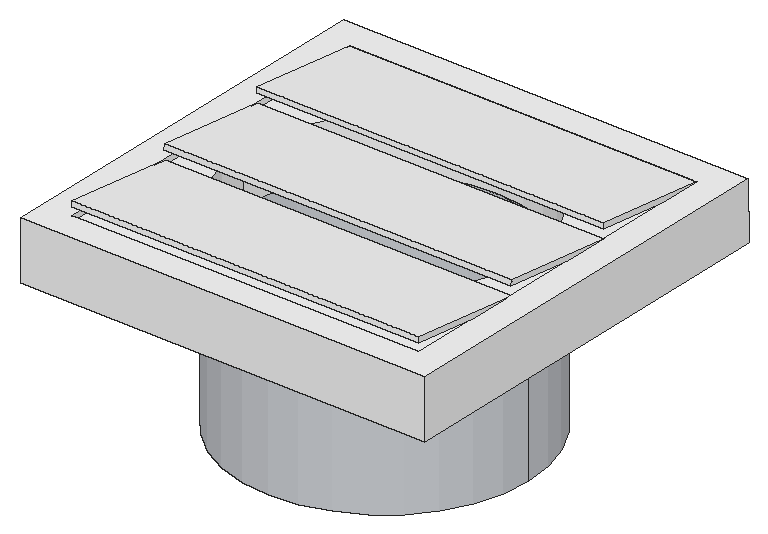
Revit family "71984001-51791101", category Air Terminals, host Face, Revit 2023
Family settings
  Host = Face
  Round Connector Dimension = Use Diameter
  Part Type = Normal
  Cut with Voids When Loaded = No
  Shared = No
  Room Calculation Point = No
Parameters (values of type "154 x 154 x 100mm Dia - Terracotta")
  WorkExecutionLevel = "N/A"
  WeeklyMaintenance = "N/A"
  WarrantyStartDate [instance] = "N/A"
  WarrantyPeriod = "2"
  WarrantyIdentifier = "N/A"
  WarrantyGuarantorParts = "info@airflow.com"
  WarrantyGuarantorLabor = "info@airflow.com"
  WarrantyGuarantor = "Airflow Developments Ltd"
  WarrantyEndDate [instance] = "N/A"
  WarrantyContent = "Replacement of part if faulty"
  Uniclass2015 = "Pr_65_70_46_01"
  TotalSurfaceArea [instance] = 0.0196 m²
  TagNumber [instance] = "N/A"
  Status [instance] = "New"
  Square_External_Grille_GravityFlap = CADS_AirFlow_White
  Size = "48 x 140 x 140"
  ShippingWeight = 0.0144 kg
  Shape = "Rectangular"
  ServiceLifeType = "EXPECTEDSERVICELIFE"
  ServiceLifeDuration = "10"
  SerialNumber [instance] = "N/A"
  ReplacementCost = "7.944"
  QuarterlyMaintenance = "N/A"
  QualityOfComponents = "N/A"
  ProductionYear = "2017"
  ProductLiterature = "N/A"
  PointOfContact = "Airflow Developments Ltd"
  Perimeter [instance] = 560 mm
  OutdoorEnviornment = "N/A"
  OperationAndMaintenanceManual = "N/A"
  NumberOfSlots = 3
  NominalWidth = 140 mm
  NominalLength = 48 mm
  NominalHeight = 140 mm
  NBSCode = "90-75-50/370 Air terminals;"
  MountingType = "SURFACE"
  MonthlyMaintenance = "N/A"
  ModelReference = "90002007"
  ModelLabel = "154 x 154 x 100mm dia. Gravity Flap (Terracotta)"
  MeanTimeBetweenFailure = "N/A"
  Material = "Plastic"
  ManufacturerWebsite = "www.airflow.com"
  ManufacturerTelephone = "01494 525252"
  ManufacturerE-Mail = "info@airflow.com"
  ManufacturerAddress = "Aidelle House\nLancaster Road\nCressex Business Park\nHigh Wycombe\nBucks\nHP123QP"
  Manufacturer = "Airflow Developments Ltd"
  MaintenanceRequired8001to12000hrs = "N/A"
  MaintenanceRequired601to1000hrs = "N/A"
  MaintenanceRequired4001to8000hrs = "N/A"
  MaintenanceRequired301to600hrs = "N/A"
  MaintenanceRequired2001to4000hrs = "N/A"
  MaintenanceRequired1001to2000hrs = "N/A"
  MaintenanceRequired0to300hrs = "N/A"
  MaintenanceLevel = "N/A"
  IsExtendedWarranty = no
  IndoorEnviornment = "N/A"
  InUseConditions = "N/A"
  ISO90001 = yes
  ISO140001 = yes
  HasThermalInsulation = no
  HasSoundAttenuator = no
  HasIntegralControl = no
  GrossWeight = 0.012 kg
  Gravity_Flap [instance] = yes
  Grade = "Virgin"
  GlobalTradeItemNumber = "N/A"
  GF = 10.00°
  FlowControlType = "DAMPER"
  Flow [instance] = 0.0 L/s
  Features [instance] = "154 x 154 x 100mm dia. Gravity Flap (Terracotta)"
  FaceType = "LOUVERED"
  Exclusions = "Incorrect Use / Incorrect Installation / Installed by a non-accredited electrician. Customer abuse."
  Dv = D - 2 mm  # 98 mm
  DurationUnit = "Years"
  DesignLevel = "N/A"
  Description = "154 x 154 x 100mm dia. Gravity Flap (Terracotta)"
  Default Elevation = 1219.2 mm
  DailyMaintenance = "N/A"
  D = 100 mm
  Constituents = "White"
  Color = "White"
  CodePerformance = "N/A"
  CEApproval = yes
  BespokeTimeFrameMaintenance = "N/A"
  B = 20 mm
  AssetType = "Fixed"
  AssetIdentifier [instance] = "N/A"
  AssemblyPlace = "N/A"
  AnnualMaintenance = "N/A"
  AirflowRateRange = "0-61"
  AccessibilityPerformance = "N/A"
  A = 140 mm
  6MonthlyMaintenance = "Visually inspect system, clean the fan and ducting if necessary"
Types (8, lengths in mm): name | TotalSurfaceArea | Size | ShippingWeight | ReplacementCost | Perimeter | NominalWidth | NominalLength | NominalHeight | ModelReference | ModelLabel | GrossWeight | Features | Dv | Description | D | Constituents | Color | A
  (no name) | 0.0196 m² | "48 x 140 x 140" | 0.0144 kg | "7.944" | 560 | 140 | 48 | 140 | "90002007" | "154 x 154 x 100mm dia. Gravity Flap (Terracotta)" | 0.012 kg | "154 x 154 x 100mm dia. Gravity Flap (Terracotta)" | 98 | "154 x 154 x 100mm dia. Gravity Flap (Terracotta)" | 100 | "White" | "White" | 140
  140 x 140 x 100mm Dia - White | 0.0196 m² | "48 x 140 x 140" | 0.0144 kg | "7.944" | 560 | 140 | 48 | 140 | "51791101" | "140 x 140 x 100mm dia. Gravity Flap (White)" | 0.012 kg | "140 x 140 x 100mm dia. Gravity Flap (White)" | 98 | "140 x 140 x 100mm dia. Gravity Flap (White)" | 100 | "White" | "White" | 140
  160 x 160 x 125mm Dia - White | 0.0256 m² | "39 x 160 x 160" | 0.018 kg | "11.124" | 640 | 160 | 39 | 160 | "9041468" | "160 x 160 x 125mm dia. Gravity Flap (White)" | 0.015 kg | "160 x 160 x 125mm dia. Gravity Flap (White)" | 123 | "160 x 160 x 125mm dia. Gravity Flap (White)" | 125 | "White" | "White" | 160
  180 x 180 x 150mm Dia - White | 0.0324 m² | "65 x 180 x 180" | 0.0204 kg | "14.268" | 720 | 180 | 65 | 180 | "71984001" | "180 x 180 x 150mm dia. Gravity Flap (White)" | 0.017 kg | "180 x 180 x 150mm dia. Gravity Flap (White)" | 148 | "180 x 180 x 150mm dia. Gravity Flap (White)" | 150 | "White" | "White" | 180
  187 x 187 x 150mm Dia - Brown | 0.0324 m² | "65 x 180 x 180" | 0.0204 kg | "14.268" | 720 | 180 | 65 | 180 | "90002003" | "187 x 187 x 150mm dia. Gravity Flap (Brown)" | 0.017 kg | "187 x 187 x 150mm dia. Gravity Flap (Brown)" | 148 | "187 x 187 x 150mm dia. Gravity Flap (Brown)" | 150 | "Brown" | "Brown" | 180
  154 x 154 x 100mm Dia - Black | 0.02 m² | "48 x 140 x 140" | 0.014 kg | "7.944" | 720 | 140 | 48 | 140 | "90002004" | "154 x 154 x 100mm dia. Gravity Flap (Black)" | 0.012 kg | "154 x 154 x 100mm dia. Gravity Flap (Black)" | 98 | "154 x 154 x 100mm dia. Gravity Flap (Black)" | 100 | "Black" | "Black" | 140
  154 x 154 x 100mm Dia - Brown | 0.0196 m² | "48 x 140 x 140" | 0.0144 kg | "7.944" | 560 | 140 | 48 | 140 | "90002005" | "154 x 154 x 100mm dia. Gravity Flap (Brown)" | 0.012 kg | "154 x 154 x 100mm dia. Gravity Flap (Brown)" | 98 | "154 x 154 x 100mm dia. Gravity Flap (Brown)" | 100 | "White" | "White" | 140
  154 x 154 x 100mm Dia - Terracotta | 0.0196 m² | "48 x 140 x 140" | 0.0144 kg | "7.944" | 560 | 140 | 48 | 140 | "90002007" | "154 x 154 x 100mm dia. Gravity Flap (Terracotta)" | 0.012 kg | "154 x 154 x 100mm dia. Gravity Flap (Terracotta)" | 98 | "154 x 154 x 100mm dia. Gravity Flap (Terracotta)" | 100 | "White" | "White" | 140
Reference planes
  plane 1 "Center (Front/Back)": y = 0
  plane 2: z = 0
  plane 3 "Center (Left/Right)": x = 0
  plane 4: x = -70
  plane 5: x = 70
  plane 6: y = 70
  plane 7: y = -70
  plane 8: z = 20
  plane 9: z = 18
  plane 10: z = -50
  plane 11: x = -60
  plane 12: x = 60
  plane 13: y = 60
  plane 14: y = -60
  plane 15: y = 48
  plane 16: y = 48.5
  plane 17: y = 47.5
  plane 18: y = 36
  plane 19: y = 36.5
  plane 20: y = 35.5
  plane 21: y = 24
  plane 22: y = 24.5
  plane 23: y = 23.5
  plane 24: y = 12
  plane 25: y = 12.5
  plane 26: y = 11.5
  plane 27: y = -12
  plane 28: y = -11.5
  plane 29: y = -12.5
  plane 30: y = -24
  plane 31: y = -23.5
  plane 32: y = -24.5
  plane 33: y = -36
  plane 34: y = -35.5
  plane 35: y = -36.5
  plane 36: y = -48
  plane 37: y = -47.5
  plane 38: y = -48.5
  plane 39: y = 0.5
  plane 40: y = -0.5
  plane 41: x = -1
  plane 42: x = 1
  plane 43: z = 13
  plane 44: y = 20
  plane 45: y = -20
Forms (mm)
  Extrusion 1, solid, material "CADS_AirFlow_White", detail levels medium+fine
    sketch origin (0, 0, 0) x (1, 0, 0) y (0, 1, 0)
      loop
        line (-70, 70) -> (-70, -70) -> (70, -70) -> (70, 70) -> (-70, 70)
    from 0 to 18
  Extrusion 2, solid
    sketch origin (0, 0, 0) x (1, 0, 0) y (0, 1, 0)
      loop
        circle (0, 0) r 50
    from -50 to 0
  Extrusion 3, void, detail levels medium+fine
    sketch origin (0, 0, 0) x (1, 0, 0) y (0, 1, 0)
      loop
        circle (0, 0) r 49
    from -50 to 18
  Extrusion 4, solid, material "CADS_AirFlow_White", detail levels medium+fine
    sketch origin (0, 0, 0) x (1, 0, 0) y (0, 1, 0)
      loop
        line (-70, 70) -> (-70, -70) -> (70, -70) -> (70, 70) -> (-70, 70)
      loop
        line (-60, 60) -> (-60, -60) -> (60, -60) -> (60, 60) -> (-60, 60)
    from 18 to 20
  Extrusion 5, solid, material "CADS_AirFlow_White" <- "Square_External_Grille_GravityFlap", detail levels coarse
    sketch origin (0, 0, 0) x (1, 0, 0) y (0, 1, 0)
      loop
        line (-70, 70) -> (-70, -70) -> (70, -70) -> (70, 70) -> (-70, 70)
    from 0 to 20
  Extrusion 6, solid, material "CADS_AirFlow_White" <- "Square_External_Grille_GravityFlap", visible <- "Gravity_Flap"
    sketch origin (0, 0, 0) x (0, 1, 0) y (0, 0, 1)
      loop
        line (60, 20) -> (20, 24.879) -> (19.777, 23.046) -> (59.777, 18.168) -> (60, 20)
      loop
        line (20, 19.837) -> (-20, 24.716) -> (-20.223, 22.884) -> (19.777, 18.005) -> (20, 19.837)
      loop
        line (-20, 19.675) -> (-60, 24.554) -> (-60.223, 22.721) -> (-20.223, 17.842) -> (-20, 19.675)
    from -60 to 60
Cuts and joins
  Extrusion 3 cuts Extrusion 2
  Extrusion 3 cuts Extrusion 1
  joined: Extrusion 1, Extrusion 4
Lines and regions (mm)
  reference lines
    curve 1: line (0, 60, 20) -> (0, 16.447, 25.312)
    curve 2: line (0, 20, 19.837) -> (0, -24.886, 25.312)
    curve 3: line (0, -20, 19.675) -> (0, -66.219, 25.312)
Dimensions and locks
  equal spacing: plane 4, plane 3 "Center (Left/Right)", plane 5
  equal spacing: plane 6, plane 1 "Center (Front/Back)", plane 7
  "A": plane 4 to plane 5
  "A": plane 6 to plane 7
  "B": plane 8 to level
  locked: plane 8 to plane 9 at 2
  locked: level to plane 10 at 50
  locked: plane 6 to plane 13 at 10
  locked: plane 14 to plane 7 at 10
  locked: plane 12 to plane 5 at 10
  locked: plane 4 to plane 11 at 10
  plane 16 to plane 15 to plane 17 = 0.5 mm locked, 0.5 mm locked
  plane 19 to plane 18 to plane 20 = 0.5 mm locked, 0.5 mm locked
  plane 22 to plane 21 to plane 23 = 0.5 mm locked, 0.5 mm locked
  plane 25 to plane 24 to plane 26 = 0.5 mm locked, 0.5 mm locked
  plane 28 to plane 27 to plane 29 = 0.5 mm locked, 0.5 mm locked
  plane 31 to plane 30 to plane 32 = 0.5 mm locked, 0.5 mm locked
  plane 34 to plane 33 to plane 35 = 0.5 mm locked, 0.5 mm locked
  plane 37 to plane 36 to plane 38 = 0.5 mm locked, 0.5 mm locked
  plane 40 to plane 1 "Center (Front/Back)" to plane 39 = 0.5 mm locked, 0.5 mm locked
  plane 41 to plane 3 "Center (Left/Right)" to plane 42 = 1 mm locked, 1 mm locked
  equal spacing: plane 1 "Center (Front/Back)", plane 27, plane 30, plane 33, plane 36, plane 14
  equal spacing: plane 1 "Center (Front/Back)", plane 24, plane 21, plane 18, plane 15, plane 13
  locked: plane 9 to plane 43 at 5
  equal spacing: plane 13, plane 44, plane 45, plane 14
  "D": diameter of Extrusion 2 sketch curve
  "Dv": diameter of Extrusion 3 sketch curve
  aligned and locked: plane 2 to host face
  aligned and locked: level to host face
  aligned and locked: Extrusion 1 sketch curve to plane 6
  aligned and locked: Extrusion 1 sketch curve to plane 5
  aligned and locked: Extrusion 2 to plane 10
  aligned and locked: level to Extrusion 2
  aligned and locked: Extrusion 1 to level
  aligned and locked: plane 9 to Extrusion 1
  aligned and locked: Extrusion 2 to Extrusion 3
  aligned and locked: plane 9 to Extrusion 3
  aligned and locked: plane 4 to Extrusion 4 sketch curve
  aligned and locked: Extrusion 4 sketch curve to plane 5
  aligned and locked: plane 11 to Extrusion 4 sketch curve
  aligned and locked: plane 14 to Extrusion 4 sketch curve
  aligned and locked: Extrusion 4 to plane 9
  aligned and locked: plane 8 to Extrusion 4
  aligned and locked: Extrusion 5 sketch curve to plane 6
  aligned and locked: plane 7 to Extrusion 5 sketch curve
  aligned and locked: plane 8 to Extrusion 5
  aligned and locked: plane 13 to curve 1
  aligned and locked: Extrusion 6 sketch curve to curve 1
  aligned and locked: Extrusion 6 sketch curve to curve 2
  aligned and locked: Extrusion 6 sketch curve to curve 3
  aligned and locked: Extrusion 6 to plane 11
  aligned and locked: plane 12 to Extrusion 6
  aligned and locked: plane 44 to curve 2
  aligned and locked: plane 45 to curve 3
Automatic sketch dimensions
  host sketch curve to host sketch curve = 2438.4 mm  (x2)
  Extrusion 1 sketch curve to plane 4 = 0 mm
  Extrusion 1 sketch curve to plane 7 = 0 mm
  Extrusion 4 sketch curve to plane 12 = 0 mm
  Extrusion 4 sketch curve to plane 7 = 0 mm
  Extrusion 4 sketch curve to plane 13 = 0 mm
  Extrusion 4 sketch curve to plane 6 = 0 mm
  Extrusion 5 sketch curve to plane 4 = 0 mm
  Extrusion 5 sketch curve to plane 5 = 0 mm
  curve 1 to plane 8 = 0 mm
  curve 2 to plane 32 = 0.386 mm
  plane 7 to curve 3 = 3.781 mm
  curve 1 to plane 44 = 3.553 mm
  curve 2 to plane 8 = 0.163 mm
  curve 3 to plane 8 = 0.325 mm
  plane 8 to curve 2 = 5.312 mm
  plane 8 to curve 3 = 5.312 mm
  plane 8 to curve 1 = 5.312 mm
  Extrusion 6 sketch curve to plane 14 = 0 mm
  Extrusion 6 sketch curve to plane 45 = 0 mm  (x2)
  Extrusion 6 sketch curve to plane 44 = 0 mm  (x2)
  Extrusion 6 sketch curve to plane 8 = 0 mm
  Extrusion 6 sketch curve to plane 14 = 0.223 mm
  Extrusion 6 sketch curve to plane 45 = 0.223 mm
  Extrusion 6 sketch curve to plane 44 = 0.223 mm
  plane 1 "Center (Front/Back)" to Extrusion 2 sketch curve = 0 mm
  Extrusion 2 sketch curve to plane 3 "Center (Left/Right)" = 0 mm
  plane 1 "Center (Front/Back)" to Extrusion 3 sketch curve = 0 mm
  Extrusion 3 sketch curve to plane 3 "Center (Left/Right)" = 0 mm
Connectors
  hvac at (0, 0, 0), driven by "D", driven by "Flow"
    settings: on cut or joined group of Extrusion 2, Extrusion 3, index 1, duct flow 0.0 L/s, flow factor 0, pres drop 0.0 Pa, loss coef 0, conn angle 0.00°, conn width 304.8 mm, conn height 304.8 mm, conn diameter 100 mm, duct sys type 4, conn prof type 0, flow config 0, flow direction 2, loss method 0, conn ref index -1, conn util no, is conn primary yes, conn desc ""
